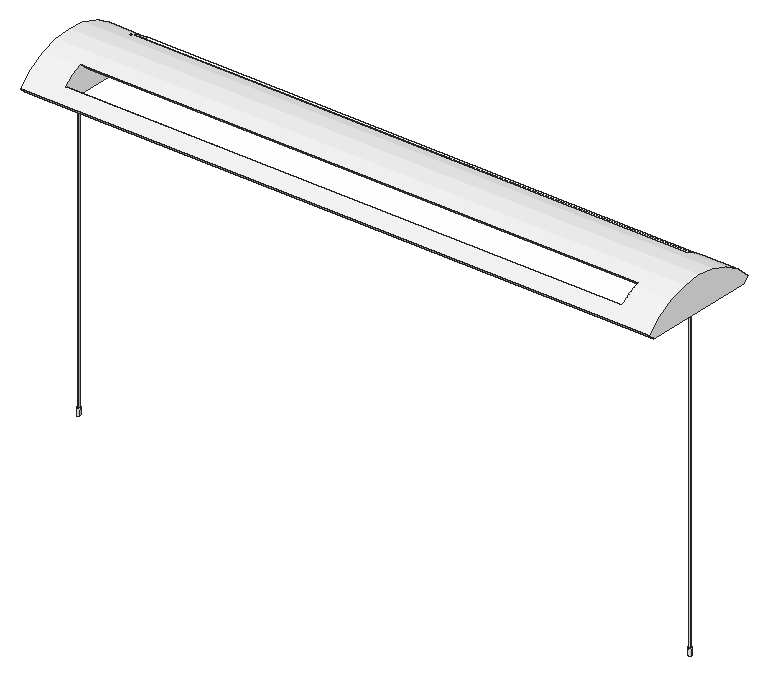
Revit family "SAE105", category Lighting Fixtures, host Face, Revit 2013
Parameters (values of type "SAE105-04")
  Wattage = 13.5 W
  Warranty = "5-Years Warranty"
  built-in parameter 1150110 = 1 (stored number, unit not read)
  Voltage = 120 V
  built-in parameter 1114217 = 1 (stored number, unit not read)
  Tilt Angle = -90.00°
  built-in parameter 1150109 = 1 (stored number, unit not read)
  built-in parameter 1150134 = 3
  built-in parameter 1150113 = 1 (stored number, unit not read)
  Power Factor = 1
  Photometric Web Link = "https://www.hubbell.com/litecontrol/en/Products/Lighting-Controls/Commercial-Indoor-Lighting/Pendant-Lighting/SAE-Family/p/2580969"
  Photometric Web File = "SAE105-P-LPA-SQ-4-35K-155.IES"
  Photometric Notes = "More IES files download on Photometric Web Link"  # constant formula
  Pendant Height [instance] = 2' - 0"
  zz Length 1 = 4' - 0"
  Wattage Comments = "Up to 131 lumens/watt efficacy"  # constant formula
  URL = "http://www.litecontrol.com/"
  Product Page URL = "https://www.hubbell.com/litecontrol/en/Products/Lighting-Controls/Commercial-Indoor-Lighting/Pendant-Lighting/SAE-Family/p/2580969"
  Model = "SAE105"  # constant formula
  Manufacturer = "Litecontrol Lighting"  # constant formula
  built-in parameter 1150105 = 123.54 (stored number, unit not read)
  Lumens = 1552.5 lm
  built-in parameter 1150115 = 1 (stored number, unit not read)
  Load Classification = Lighting
  built-in parameter 1150137 = (empty or 0)
  built-in parameter 1150139 = (empty or 0)
  built-in parameter 1150112 = 1 (stored number, unit not read)
  built-in parameter 1150114 = 1 (stored number, unit not read)
  Lamp = "LED's"  # constant formula
  built-in parameter 1150132 = (empty or 0)
  built-in parameter 1150102 = (empty or 0)
  built-in parameter 1150107 = 3200 (stored number, unit not read)
  built-in parameter 1150138 = (empty or 0)
  built-in parameter 1150106 = 1.2354 (stored number, unit not read)
  Glass = Hubbell - White Glass
  Emit from Rectangle Width = 0' - 4"  # constant formula
  Emit from Rectangle Length = zz Length 1 - 0' 2"  # 3' - 10"
  Emit Shape Visible in Rendering = no
  built-in parameter 1150104 = 10.684 (stored number, unit not read)
  Dimming Lamp Color Temperature Shift = <None>
  Description = "Linear Pendant Indirect"  # constant formula
  Default Elevation = 4' - 0"
  Contact Us = "https://www.hubbell.com/litecontrol/en/contactUs"
  Color Filter = 16777215
  built-in parameter 1114218 = 1 (stored number, unit not read)
  Housing Material = Paint - Hubbell - Matte White
  built-in parameter 1150133 = 10 (stored number, unit not read)
  Assembly Code = "D5020200"
  Apparent Load = 0 VA
Types (4): name | Photometric Web File | zz Length 1 | Emit from Rectangle Length
  (no name) | "SAE105-P-LPA-SQ-4-35K-155.IES" | 4' - 0" | 3' - 10"
  SAE105-04 | "SAE105-P-LPA-SQ-4-35K-155.IES" | 4' - 0" | 3' - 10"
  SAE105-08 | "SAE105-P-LPA-PF-4-35K-155.IES" | 8' - 0" | 7' - 10"
  SAE105-12 | "SAE105-P-LPA-PF-4-35K-155.IES" | 12' - 0" | 11' - 10"
Reference planes (in)
  plane 1 "Center (Front/Back)": y = 13.01342
  plane 2: z = 0
  plane 3 "Center (Left/Right)": x = 0
  plane 4: z = 24
  plane 5: x = -24
  plane 6: x = 24
  plane 7: x = -23.625
  plane 8: x = 23.625
  plane 9: z = 23.5
  plane 10: z = 0.5
  plane 11: z = 25
Forms (in)
  Revolve 1, solid, material "Paint - Hubbell - Matte White" <- "Housing Material"
    sketch origin (-5.75, 13.01342, 0) x (-1, 0, 0) y (0, 0, 1)
      loop
        line (-29.375, 24) -> (-29.375, 0) -> (-29.25, 0) -> (-29.25, 0.5) -> (-29.3125, 0.5) -> (-29.3125, 23.5) -> (-29.25, 23.5) -> (-29.25, 24) -> (-29.375, 24)
      axis (-29.375, 24) -> (-29.375, 0)
    angle from 0 to 360
  Revolve 2, solid, material "Paint - Hubbell - Matte White" <- "Housing Material"
    sketch origin (5.75, 13.01342, 0) x (1, 0, 0) y (0, 0, 1)
      loop
        line (-29.375, 24) -> (-29.375, 0) -> (-29.25, 0) -> (-29.25, 0.5) -> (-29.3125, 0.5) -> (-29.3125, 23.5) -> (-29.25, 23.5) -> (-29.25, 24) -> (-29.375, 24)
      axis (-29.375, 24) -> (-29.375, 0)
    angle from 0 to 360
Dimensions and locks (in)
  "Pendant Height": plane 4 to level
  equal spacing: plane 6, plane 3 "Center (Left/Right)", plane 5
  "zz Length 1": plane 6 to plane 5
  locked: plane 4 to plane 9 at 0.5
  locked: plane 10 to plane 2 at 0.5
  locked: plane 7 to plane 5 at 0.375
  locked: plane 6 to plane 8 at 0.375
  locked: plane 11 to plane 4 at 1
  aligned and locked: plane 2 to host face
  aligned and locked: level to host face
  aligned and locked: Revolve 1 sketch curve to Revolve 1 sketch curve
  aligned and locked: Revolve 1 sketch curve to plane 8
  aligned and locked: plane 4 to Revolve 1 sketch curve
  aligned and locked: Revolve 1 sketch curve to level
  aligned and locked: plane 3 "Center (Left/Right)" to nested 1
  aligned and locked: plane 1 "Center (Front/Back)" to nested 1
  aligned and locked: Revolve 2 sketch curve to Revolve 2 sketch curve
  aligned and locked: plane 9 to Revolve 2
  aligned and locked: plane 10 to Revolve 2
  aligned and locked: Revolve 1 to plane 9
  aligned and locked: Revolve 1 to plane 10
  aligned and locked: plane 3 "Center (Left/Right)" to imposter light
  aligned and locked: plane 11 to imposter light
Automatic sketch dimensions
  host sketch curve to host sketch curve = 8' - 0"  (x2)
  plane 8 to Revolve 1 sketch curve = 0' - 0 1/16"
  Revolve 1 sketch curve to level = 0' - 0 1/2"
  Revolve 1 sketch curve to Revolve 1 sketch curve = 0' - 0 1/16"  (x2)
  plane 4 to Revolve 1 sketch curve = 0' - 0 1/2"
  Revolve 1 sketch curve to Revolve 1 sketch curve = 0' - 0.66777"
  Revolve 1 sketch curve to Revolve 1 sketch curve = 0' - 9.83778"
  Revolve 2 sketch curve to plane 4 = 0' - 0"
  Revolve 2 sketch curve to plane 7 = 0' - 0"
  Revolve 2 sketch curve to level = 0' - 0"
  plane 7 to Revolve 2 sketch curve = 0' - 0 1/16"
  level to Revolve 2 sketch curve = 0' - 0 1/2"
  Revolve 2 sketch curve to Revolve 2 sketch curve = 0' - 0 1/16"  (x2)
  Revolve 2 sketch curve to plane 4 = 0' - 0 1/2"
  Revolve 2 sketch curve to Revolve 2 sketch curve = 0' - 0.66777"
  Revolve 2 sketch curve to Revolve 2 sketch curve = 0' - 9.83778"
Nested families (in)
  nested 1: "105" at (-0.01104, 12.97343, 24), Glass <- "Glass", Backbox <- "Housing Material", Length <- "zz Length 1", type "105"
    with Length 4' - 0", Glass Hubbell - White Glass, Backbox Paint - Hubbell - Matte White
Connectors (in)
  electrical at (0, 13.01342, 24), driven by "Load Classification", driven by "Voltage", driven by "Apparent Load", driven by "Power Factor"
    settings: on nested 1, index 1, voltage 120 V, apparent load 0 VA, apparent load phase1 0 VA, apparent load phase2 0 VA, apparent load phase3 0 VA, power factor 1, load classification "Lighting", number of poles 1, system type 30, power factor state 1, is connector primary yes, connector utility no, sub classification motor no, connector description "Lighting Connector"
Definition of nested family "105"
  Parameters (values of type "104")
    Wattage Comments = ""
    URL = ""
    Model = ""
    Manufacturer = ""
    Length [instance] = 4' - 0"
    Lamp = ""
    Glass [instance] = none
    Description = ""
    Default Elevation = 4' - 0"
    Backbox [instance] = none
    Apparent Load = 0 VA
  Reference planes (in)
    plane 1 "Center (Front/Back)": y = 0.03999
    plane 2: z = 0
    plane 3 "Center (Left/Right)": x = 0.01104
    plane 4: x = -23.98896
    plane 5: x = 24.01104
    plane 6: x = -21.48896
    plane 7: x = 21.51104
    plane 8: y = 4.78999
    plane 9: y = -4.71001
    plane 10: z = 2.5
    plane 11: through (0, -3.14199, -1.17639) normal (0, 0.7071, 0.7071)
    plane 12: through (0, 3.13326, -1.26511) normal (0, 0.7071, -0.7071)
    plane 13: x = -24.30146
    plane 14: x = 24.32354
  Forms (in)
    Extrusion 1, solid
      sketch origin (0, 0, 0.06357) x (1, 0, 0) y (0, 1, 0)
        loop
          line (-48, 48) -> (-48, -48) -> (48, -48) -> (48, 48) -> (-48, 48)
      from -0.06357 to -12.81105
    Extrusion 2, solid, material <- "Backbox"
      sketch origin (0.01104, 0.07998, 2.5) x (0, -1, 0) y (0, 0, -1)
        loop
          line (4.39836, 2.5) -> (-4.31838, 2.5) -> (-4.71001, 2.10837)
          arc (-4.71001, 2.10837) -> (0.03999, 0) -> (4.78999, 2.10837) r 6.40488
          line (4.78999, 2.10837) -> (4.39836, 2.5)
      from -24.3125 to 24.3125
    Extrusion 3, void
      sketch origin (0.01104, 0.07998, 2.5) x (0, -1, 0) y (0, 0, -1)
        loop
          line (2.43681, 2.83902) -> (-2.35683, 2.83902) -> (-4.15086, 1.04499) -> (-2.97533, -0.13054) -> (-1.87297, 0.89742) -> (1.95296, 0.89742) -> (3.05531, -0.13054) -> (4.23084, 1.04499) -> (2.43681, 2.83902)
      from -21.5 to 21.5
    Extrusion 4, solid, material <- "Glass"
      sketch origin (0.01104, 0.07998, 2.5) x (0, -1, 0) y (0, 0, -1)
        loop
          line (3.87875, 1.39708) -> (2.90083, 2.375) -> (-2.82085, 2.375) -> (-3.79877, 1.39708)
          arc (-3.79877, 1.39708) -> (-3.07618, 0.89972) -> (-2.29192, 0.50675) r 6.34704
          line (-2.29192, 0.50675) -> (-1.87297, 0.89742) -> (1.95296, 0.89742) -> (2.37191, 0.50675)
          arc (2.37191, 0.50675) -> (3.15617, 0.89972) -> (3.87875, 1.39708) r 6.34704
      from -21.5 to 21.5
  Cuts and joins
    Extrusion 3 cuts Extrusion 2
  Dimensions and locks (in)
    "Length": plane 5 to plane 4
    locked: plane 6 to plane 4 at 2.5
    locked: plane 5 to plane 7 at 2.5
    equal spacing: plane 5, plane 3 "Center (Left/Right)", plane 4
    equal spacing: plane 8, plane 1 "Center (Front/Back)", plane 9
    plane 8 to plane 9 = 0' - 9 1/2"
    plane 10 to plane 2 = 0' - 2 1/2"
    locked: plane 4 to plane 13 at 0.3125
    locked: plane 14 to plane 5 at 0.3125
    radius of Extrusion 2 sketch curve = 0' - 6.40488"
    aligned and locked: plane 2 to Extrusion 1
    aligned and locked: plane 11 to Extrusion 2 sketch curve
    aligned and locked: plane 12 to Extrusion 2 sketch curve
    aligned and locked: Extrusion 3 to plane 6
    aligned and locked: plane 7 to Extrusion 3
    aligned and locked: Extrusion 4 to plane 6
    aligned and locked: plane 7 to Extrusion 4
    aligned and locked: Extrusion 4 to cut or joined group of Extrusion 2, Extrusion 3  (x2)
    aligned and locked: Extrusion 4 sketch curve to cut or joined group of Extrusion 2, Extrusion 3  (x2)
    aligned and locked: plane 2 to Extrusion 2 sketch curve
    aligned and locked: Extrusion 2 to plane 13
    aligned and locked: Extrusion 2 to plane 14
  Automatic sketch dimensions
    Extrusion 1 sketch curve to Extrusion 1 sketch curve = 8' - 0"  (x2)
    Extrusion 2 sketch curve to plane 8 = 0' - 0"
    Extrusion 2 sketch curve to plane 9 = 0' - 0"
    plane 8 to Extrusion 3 sketch curve = 0' - 0.55915"
    plane 10 to Extrusion 3 sketch curve = 0' - 0.13054"  (x2)
    Extrusion 3 sketch curve to Extrusion 3 sketch curve = 0' - 1.17553"
    Extrusion 3 sketch curve to level = 0' - 0.33902"
    Extrusion 3 sketch curve to plane 1 "Center (Front/Back)" = 0' - 2.39682"
    Extrusion 3 sketch curve to plane 10 = 0' - 0.89742"
    Extrusion 3 sketch curve to Extrusion 3 sketch curve = 0' - 1.10235"  (x2)
    plane 1 "Center (Front/Back)" to Extrusion 3 sketch curve = 0' - 1.91297"
    Extrusion 3 sketch curve to Extrusion 3 sketch curve = 0' - 0.48385"
    plane 9 to Extrusion 3 sketch curve = 0' - 0.55915"
    plane 8 to Extrusion 4 sketch curve = 0' - 0.91124"
    Extrusion 4 sketch curve to plane 10 = 0' - 0.50675"  (x2)
    level to Extrusion 4 sketch curve = 0' - 0 1/8"
    Extrusion 4 sketch curve to Extrusion 4 sketch curve = 0' - 1.50685"
    Extrusion 4 sketch curve to Extrusion 4 sketch curve = 0' - 0.41895"  (x2)
    Extrusion 4 sketch curve to plane 10 = 0' - 0.89742"
    Extrusion 4 sketch curve to Extrusion 4 sketch curve = 0' - 0.94788"
    level to Extrusion 4 sketch curve = 0' - 1.10292"
    Extrusion 4 sketch curve to plane 1 "Center (Front/Back)" = 0' - 0.11254"
    plane 1 "Center (Front/Back)" to Extrusion 4 sketch curve = 0' - 0.11254"
